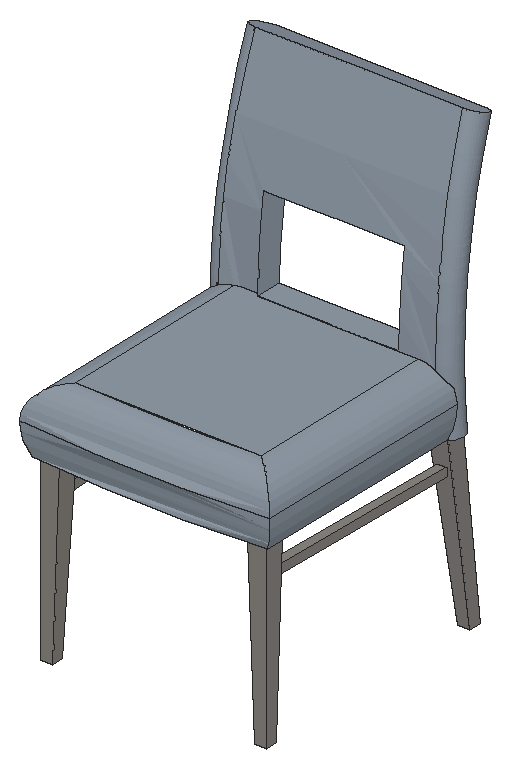
Revit family "Furniture_Chair_PALM BEACH 1.0 NS-WCO-S", category Furniture, Revit 2020
Family settings
  OmniClass Number = 23.21.23.15.17
  Work Plane-Based = Yes
  Always vertical = No
  Cut with Voids When Loaded = No
  Shared = No
  Room Calculation Point = No
Parameters (values of type "PALM BEACH 1.0 NS-WCO-S")
  Youtube clip = ""
  Uniformat II Description = "Movable Furnishings"
  Uniformat II Code = ""
  Uniclass 2015 Name = ""
  Uniclass 2015 Code = ""
  Uniclass 2.0 Description = ""
  Uniclass 2.0 Code = ""
  Uniclass 1.4 Description = ""
  Uniclass 1.4 Code = ""
  UNSPSC Code = ""
  Technical description = ""
  Shell Material = Fabric - Gravity - Frozen CPC27
  Frame Material = Wood - Beech - Grey Aniline
  Region South America = "All"
  Region Oceania = "All"
  Region North America = "All"
  Region Middle East = "All"
  Region Europe = "All"
  Region Asia = "All"
  Region Antarctica = "All"
  Region Africa = "All"
  QR code = "https://www.sandlerseating.com/product/palm-beach-1-0-ns-wco-s/"
  Product url = "https://www.sandlerseating.com/product/palm-beach-1-0-ns-wco-s/"
  Product name = "PALM BEACH 1.0 NS-WCO-S"
  Product group = "Chair"
  Product family = "Furniture"
  Product data url = "https://www.sandlerseating.com/product/palm-beach-1-0-ns-wco-s/"
  Product certification = ""
  Product SKU = "??"
  Product Guid = "??"
  OmniClass Description = ""
  OmniClass Code = "23-21 23 15 17"
  NBS Reference Description = ""
  NBS Reference Code = ""
  Model = "PALM BEACH 1.0 NS-WCO-S"
  Masterformat 2014 Description = "Chair Mats"
  Masterformat 2014 Code = "12 48 43.13"
  Manufacturer name = "Sandler"
  Manufacturer country = "USA"
  Manufacturer = "Sandler"
  Installation instructions = ""
  IFC Classification = "Furnishing Element"
  GTIN code = ""
  Edition number = 1
  Design country = "Brasil"
  Description = "Chair"
  Default Elevation = 0.000 mm
  Date of publishing = ""
  COBIe Type Category = ""
  Brand url = "https://www.sandlerseating.com/"
  BIMobject main category code = "furniture"
  BIMobject main category = "Furniture"
  BIMobject category code = "furniture-chair"
  BIMobject category = "Chair"
Reference planes
  plane 1 "Center Front/Back": y = 0
  plane 2: z = 0
  plane 3 "Center Left/Right": x = 0
Forms (mm)
  SweptBlend 1, solid, material "Fabric - Gravity - Frozen CPC27" <- "Shell Material"
    path origin (0.021, 12.403, 0) x (0, 1, 0) y (0, 0, 1)
      loop
        arc (318.429, 896.679) -> (247.467, 629.178) -> (238.058, 352.583) r 1230.984
    profile origin (0.021, 330.832, 896.679) x (0, 0.931619, -0.363437) y (1, 0, 0)
      loop
        line (20.402, -204.626) -> (20.402, 207.874)
        arc (20.402, 207.874) -> (-7.098, 235.374) -> (-34.598, 207.874) r 27.5
        line (-34.598, 207.874) -> (-34.598, -204.626)
        arc (-34.598, -204.626) -> (-7.098, -232.126) -> (20.402, -204.626) r 27.5
    end profile origin (0.021, 250.46, 352.583) x (0, 0.996909, 0.078564) y (1, 0, 0)
      loop
        line (25.645, -219.109) -> (25.645, 221.86)
        arc (25.645, 221.86) -> (-0.624, 248.13) -> (-26.894, 221.86) r 26.27
        line (-26.894, 221.86) -> (-26.894, -219.109)
        arc (-26.894, -219.109) -> (-0.624, -245.379) -> (25.645, -219.109) r 26.27
  Extrusion 2, solid, material "Fabric - Gravity - Frozen CPC27" <- "Shell Material"
    sketch origin (0.021, 12.403, 840) x (-1, 0, 0) y (0, -1, 0)
      loop
        line (248.589, -218.746) -> (248.589, 242.183)
        arc (248.589, 242.183) -> (0.023, 254.709) -> (-248.589, 243.132) r 2569.886
        line (-248.589, 243.132) -> (-248.589, -218.746) -> (248.589, -218.746)
    from -479.2 to -350.103
  Sweep 3, void
    path in 3D
      loop
        line (248.61, 271.685, 489.897) -> (248.61, -230.73, 489.897)
        arc (248.61, -230.73, 489.897) -> (-0.002, -242.307, 489.897) -> (-248.569, -229.781, 489.897) r 2569.886
        line (-248.569, -229.781, 489.897) -> (-248.569, 271.685, 489.897)
    profile origin (-0.002, -242.307, 489.897) x (-0.001909, -0.999998, 0) y (0, 0, 1)
      loop
        arc (-64.548, 0) -> (-18.906, -18.906) -> (0, -64.548) r 64.548
        arc (0, -64.548) -> (-3.774, -97.671) -> (-14.902, -129.096) r 147.246
        line (-14.902, -129.096) -> (25.452, -129.096) -> (25.452, 0) -> (-64.548, 0)
  Blend 4, solid, material "Wood - Beech - Grey Aniline" <- "Frame Material"
    base sketch origin (11.479, 25.171, 840) x (-1, 0, 0) y (0, -1, 0)
      loop
        line (235.546, 195.254) -> (235.546, 234.079) -> (197.379, 234.079) -> (197.379, 195.254) -> (235.546, 195.254)
    top sketch origin (11.479, 25.171, 840) x (-1, 0, 0) y (0, -1, 0)
      loop
        line (212.008, 210.203) -> (235.546, 210.203) -> (235.546, 234.079) -> (212.008, 234.079) -> (212.008, 210.203)
    from -479.2 to -840
  Blend 5, solid, material "Wood - Beech - Grey Aniline" <- "Frame Material"
    base sketch origin (-11.438, 25.171, 840) x (1, 0, 0) y (0, 1, 0)
      loop
        line (235.546, -195.254) -> (197.379, -195.254) -> (197.379, -234.079) -> (235.546, -234.079) -> (235.546, -195.254)
    top sketch origin (-11.438, 25.171, 840) x (1, 0, 0) y (0, 1, 0)
      loop
        line (212.008, -210.203) -> (212.008, -234.079) -> (235.546, -234.079) -> (235.546, -210.203) -> (212.008, -210.203)
    from -479.2 to -840
  Blend 6, solid, material "Wood - Beech - Grey Aniline" <- "Frame Material"
    base sketch origin (0.021, 12.403, 840) x (-1, 0, 0) y (0, -1, 0)
      loop
        line (197.378, -213.052) -> (197.378, -251.878) -> (235.545, -251.878) -> (235.545, -213.052) -> (197.378, -213.052)
    top sketch origin (0.021, 12.403, 840) x (-1, 0, 0) y (0, -1, 0)
      loop
        line (235.545, -291.791) -> (235.545, -268.262) -> (211.722, -268.262) -> (211.722, -291.791) -> (235.545, -291.791)
    from -478.581 to -840
  Blend 7, solid, material "Wood - Beech - Grey Aniline" <- "Frame Material"
    base sketch origin (0.021, 12.403, 840) x (1, 0, 0) y (0, 1, 0)
      loop
        line (197.378, 213.052) -> (235.545, 213.052) -> (235.545, 251.878) -> (197.378, 251.878) -> (197.378, 213.052)
    top sketch origin (0.021, 12.403, 840) x (1, 0, 0) y (0, 1, 0)
      loop
        line (235.545, 291.791) -> (211.722, 291.791) -> (211.722, 268.262) -> (235.545, 268.262) -> (235.545, 291.791)
    from -478.581 to -840
  Extrusion 8, void
    sketch origin (0.021, 12.403, 0) x (0, 1, 0) y (0, 0, 1)
      loop
        line (185.776, 360.8) -> (185.776, 345.8) -> (275.776, 345.8) -> (275.776, 360.8) -> (185.776, 360.8)
    from -259.065 to 259.553
  Blend 9, solid, material "Wood - Beech - Grey Aniline" <- "Frame Material"
    base sketch origin (0.021, 12.403, 0) x (1, 0, 0) y (0, 0, 1)
      loop
        line (226.684, 305.778) -> (208.968, 305.778) -> (208.968, 288.541) -> (226.684, 288.541) -> (226.684, 305.778)
    top sketch origin (0.021, 12.403, 0) x (1, 0, 0) y (0, 0, 1)
      loop
        line (215.486, 305.778) -> (197.771, 305.778) -> (197.771, 288.541) -> (215.486, 288.541) -> (215.486, 305.778)
    from -239.717 to 206.017
  Blend 10, solid, material "Wood - Beech - Grey Aniline" <- "Frame Material"
    base sketch origin (0.021, 12.403, 0) x (-1, 0, 0) y (0, 0, -1)
      loop
        line (226.684, -305.778) -> (226.684, -288.541) -> (208.968, -288.541) -> (208.968, -305.778) -> (226.684, -305.778)
    top sketch origin (0.021, 12.403, 0) x (-1, 0, 0) y (0, 0, -1)
      loop
        line (215.486, -305.778) -> (215.486, -288.541) -> (197.771, -288.541) -> (197.771, -305.778) -> (215.486, -305.778)
    from -239.717 to 206.017
  Extrusion 11, void
    sketch origin (0.021, 12.403, 0) x (1, 0, 0) y (0, 0, 1)
      loop
        line (144.041, 489.897) -> (144.041, 669.897) -> (-135.959, 669.897) -> (-135.959, 489.897) -> (144.041, 489.897)
    from -344.885 to -128.056
Cuts and joins
  Sweep 3 cuts Extrusion 2
  Extrusion 8, Extrusion 11 cuts SweptBlend 1
Lines and regions (mm)
  sketch lines
    curve 1: arc (248.61, -230.73, 489.897) -> (-0.002, -242.307, 489.897) -> (-248.569, -229.781, 489.897) r 2569.886
    curve 2: line (248.61, -230.73, 489.897) -> (248.61, 271.685, 489.897)
    curve 3: line (-248.569, 271.685, 489.897) -> (-248.569, -229.781, 489.897)
Dimensions and locks
  aligned and locked: level to plane 2
